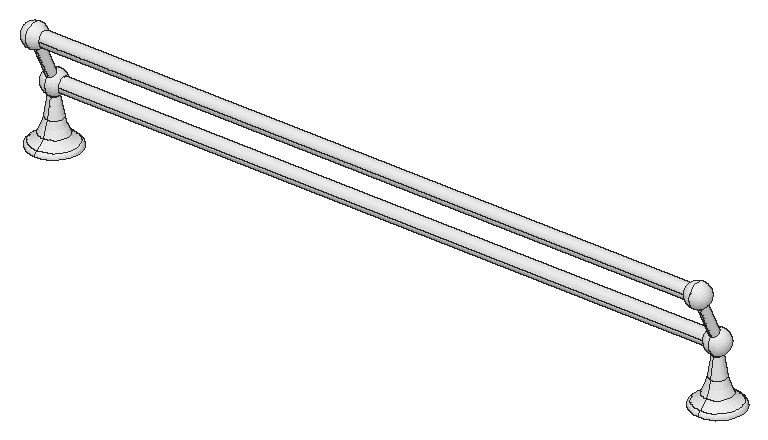
Revit family "Towel Rail-Double-Stylus Cadet1", category Specialty Equipment, host Face, Revit 2013
Parameters (values of type "Standard")
  URL = "http://www.stylus.com.au/"
  Type Comments = "Stylus Cadet Double Towel Rail - 800mm"  # constant formula
  ModifiedIssue_ANZRS = 2013.1  # constant formula
  Model = "632281C"  # constant formula
  Material_ANZRS = Metal-Chrome-Caroma
  Manufacturer = "GWA Bathrooms & Kitchens"  # constant formula
  Length_ANZRS = 760 mm  # constant formula
  Description = ""
  Default Elevation = 900 mm
  CreatedBy_ANZRS = "Design Content"  # constant formula
  CreatedByURL_ANZRS = "www.designcontent.com.au"
  Cost = 0
  Assembly Code = "C1030200"
Reference planes
  plane 1 "Center (Elevation)": y = 0
  plane 2 "Back": z = 0
  plane 3 "Center (Left/Right)": x = 0
  plane 4 "Left": x = -380
  plane 5 "Right": x = 380
  plane 6 "Top": y = 27.5
  plane 7 "Bottom": y = -27.5
  plane 8 "Front": z = 139.626
Forms (mm)
  Extrusion 1, solid, material "Metal-Chrome-Caroma" <- "Material_ANZRS"
    sketch origin (0, 0, -1.25) x (0, 1, 0) y (0, 0, 1)
      loop
        circle (0, 66.989) r 8
      loop
        circle (-27.891, 126.747) r 8
    from -380 to 380
  Revolve 2, solid, material "Metal-Chrome-Caroma" <- "Material_ANZRS"
    sketch origin (380, 0, 0) x (0, 1, 0) y (0, 0, 1)
      loop
        line (0, 0) -> (27.5, 0)
        arc (27.5, 0) -> (26.732, 2.942) -> (24.493, 5) r 5.39
        arc (24.493, 5) -> (19.348, 8.55) -> (15.446, 13.434) r 21.422
        arc (15.446, 13.434) -> (11.608, 21.497) -> (9.162, 30.086) r 53.606
        arc (9.162, 30.086) -> (7.107, 41.495) -> (5.413, 52.963) r 366.908
        arc (5.413, 52.963) -> (5.511, 53.508) -> (5.908, 53.895) r 0.908
        arc (5.908, 53.895) -> (12.896, 68.787) -> (0, 79) r 13.248
        line (0, 79) -> (0, 0)
      axis (0, 79) -> (0, 0)
    angle from 0 to 360
  Revolve 3, solid, material "Metal-Chrome-Caroma" <- "Material_ANZRS"
    sketch origin (380, 0, 0) x (0, 1, 0) y (0, 0, 1)
      loop
        line (1.642, 74.06) -> (-18.282, 116.787)
        arc (-18.282, 116.787) -> (-17.405, 133.26) -> (-33.387, 137.348) r 13.009
        line (-33.387, 137.348) -> (-22.814, 114.674) -> (-2.89, 71.947) -> (1.642, 74.06)
      axis (-33.387, 137.348) -> (-2.89, 71.947)
    angle from 0 to 360
  Revolve 4, solid, material "Metal-Chrome-Caroma" <- "Material_ANZRS"
    sketch origin (-380, 0, 0) x (0, 1, 0) y (0, 0, 1)
      loop
        line (0, 0) -> (27.5, 0)
        arc (27.5, 0) -> (26.732, 2.942) -> (24.493, 5) r 5.39
        arc (24.493, 5) -> (19.348, 8.55) -> (15.446, 13.434) r 21.422
        arc (15.446, 13.434) -> (11.608, 21.497) -> (9.162, 30.086) r 53.606
        arc (9.162, 30.086) -> (7.107, 41.495) -> (5.413, 52.963) r 366.908
        arc (5.413, 52.963) -> (5.511, 53.508) -> (5.908, 53.895) r 0.908
        arc (5.908, 53.895) -> (12.896, 68.787) -> (0, 79) r 13.248
        line (0, 79) -> (0, 0)
      axis (0, 79) -> (0, 0)
    angle from 0 to 360
  Revolve 5, solid, material "Metal-Chrome-Caroma" <- "Material_ANZRS"
    sketch origin (-380, 0, 0) x (0, 1, 0) y (0, 0, 1)
      loop
        line (1.642, 74.06) -> (-18.282, 116.787)
        arc (-18.282, 116.787) -> (-17.405, 133.26) -> (-33.387, 137.348) r 13.009
        line (-33.387, 137.348) -> (-22.814, 114.674) -> (-2.89, 71.947) -> (1.642, 74.06)
      axis (-33.387, 137.348) -> (-2.89, 71.947)
    angle from 0 to 360
Cuts and joins
  joined: Extrusion 1, Revolve 2, Revolve 3, Revolve 4, Revolve 5
Dimensions and locks
  "Length_ANZRS": plane 4 "Left" to plane 5 "Right"
  equal spacing: plane 4 "Left", plane 3 "Center (Left/Right)", plane 5 "Right"
  plane 1 "Center (Elevation)" to plane 6 "Top" = 27.5 mm
  plane 7 "Bottom" to plane 1 "Center (Elevation)" = 27.5 mm
  aligned and locked: plane 2 "Back" to host face
  aligned and locked: level to host face
Automatic sketch dimensions
  host sketch curve to host sketch curve = 2438.4 mm  (x2)
  Revolve 3 sketch curve to plane 8 "Front" = 2.277 mm
  plane 7 "Bottom" to Revolve 3 sketch curve = 5.887 mm
  plane 1 "Center (Elevation)" to Revolve 3 sketch curve = 2.89 mm
  Revolve 3 sketch curve to plane 8 "Front" = 67.679 mm
  Revolve 3 sketch curve to plane 7 "Bottom" = 4.686 mm
  Revolve 3 sketch curve to Revolve 3 sketch curve = 4.532 mm
  Revolve 3 sketch curve to plane 1 "Center (Elevation)" = 1.642 mm
  plane 7 "Bottom" to Revolve 3 sketch curve = 0.389 mm
  Revolve 3 sketch curve to Revolve 3 sketch curve = 0 mm  (x2)
  plane 1 "Center (Elevation)" to Revolve 3 sketch curve = 1.975 mm
  Revolve 3 sketch curve to Revolve 3 sketch curve = 2.113 mm
  Revolve 3 sketch curve to Revolve 3 sketch curve = 1.962 mm
  Revolve 5 sketch curve to plane 8 "Front" = 2.277 mm
  plane 7 "Bottom" to Revolve 5 sketch curve = 5.887 mm
  plane 1 "Center (Elevation)" to Revolve 5 sketch curve = 2.89 mm
  Revolve 5 sketch curve to plane 8 "Front" = 67.679 mm
  Revolve 5 sketch curve to plane 7 "Bottom" = 4.686 mm
  Revolve 5 sketch curve to Revolve 5 sketch curve = 4.532 mm
  Revolve 5 sketch curve to plane 1 "Center (Elevation)" = 1.642 mm
  plane 7 "Bottom" to Revolve 5 sketch curve = 0.389 mm
  Revolve 5 sketch curve to Revolve 5 sketch curve = 0 mm  (x2)
  plane 1 "Center (Elevation)" to Revolve 5 sketch curve = 1.975 mm
  Revolve 5 sketch curve to Revolve 5 sketch curve = 2.113 mm
  Revolve 5 sketch curve to Revolve 5 sketch curve = 1.962 mm
  plane 7 "Bottom" to Extrusion 1 sketch curve = 0.391 mm
  Extrusion 1 sketch curve to plane 1 "Center (Elevation)" = 0 mm
  level to Extrusion 1 sketch curve = 65.739 mm
  Extrusion 1 sketch curve to plane 8 "Front" = 14.128 mm
  Revolve 4 sketch curve to plane 1 "Center (Elevation)" = 0 mm  (x2)
  Revolve 4 sketch curve to level = 0 mm  (x2)
  Revolve 4 sketch curve to plane 6 "Top" = 0 mm
  Revolve 4 sketch curve to plane 8 "Front" = 60.626 mm
  Revolve 4 sketch curve to plane 1 "Center (Elevation)" = 5.413 mm
  Revolve 4 sketch curve to Revolve 4 sketch curve = 0 mm  (x5)
  Revolve 4 sketch curve to Revolve 4 sketch curve = 0.495 mm
  Revolve 4 sketch curve to Revolve 4 sketch curve = 0.405 mm
  Revolve 4 sketch curve to plane 1 "Center (Elevation)" = 9.162 mm
  plane 6 "Top" to Revolve 4 sketch curve = 12.054 mm
  level to Revolve 4 sketch curve = 0.164 mm
  plane 6 "Top" to Revolve 4 sketch curve = 5.388 mm
  level to Revolve 4 sketch curve = 5 mm
  Revolve 4 sketch curve to Revolve 4 sketch curve = 9.462 mm
  Revolve 4 sketch curve to Revolve 4 sketch curve = 27.808 mm
  Revolve 4 sketch curve to level = 4.097 mm
  Revolve 2 sketch curve to plane 1 "Center (Elevation)" = 0 mm  (x2)
  Revolve 2 sketch curve to level = 0 mm  (x2)
  Revolve 2 sketch curve to plane 6 "Top" = 0 mm
  Revolve 2 sketch curve to plane 8 "Front" = 60.626 mm
  Revolve 2 sketch curve to plane 1 "Center (Elevation)" = 5.413 mm
  Revolve 2 sketch curve to Revolve 2 sketch curve = 0 mm  (x5)
  Revolve 2 sketch curve to Revolve 2 sketch curve = 0.495 mm
  Revolve 2 sketch curve to Revolve 2 sketch curve = 0.405 mm
  Revolve 2 sketch curve to plane 1 "Center (Elevation)" = 9.162 mm
  plane 6 "Top" to Revolve 2 sketch curve = 12.054 mm
  level to Revolve 2 sketch curve = 0.164 mm
  plane 6 "Top" to Revolve 2 sketch curve = 5.388 mm
  level to Revolve 2 sketch curve = 5 mm
  Revolve 2 sketch curve to Revolve 2 sketch curve = 18.509 mm
  Revolve 2 sketch curve to Revolve 2 sketch curve = 27.808 mm
  Revolve 2 sketch curve to level = 4.097 mm
  radius of Extrusion 1 sketch curve = 8 mm  (x2)
